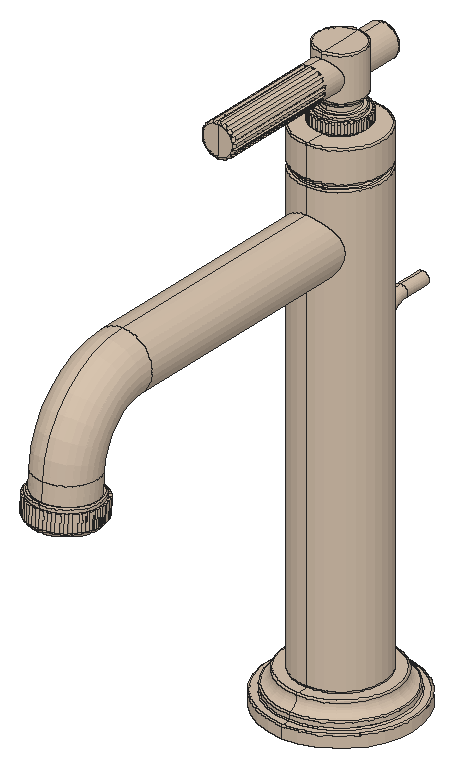
Revit family "Faucet-Lavatory-KALLISTA-CENTRAL_PARK_WEST-P26622_", category Plumbing Fixtures, host Face, Revit 2022 (continued)
Definition of nested family "P26622"
  Lines and regions (in)
    symbolic lines, detail levels medium+fine
      curve 12: arc (0.38238, 0.26056, 0) -> (0.36817, 0.27974, 0) -> (0.35194, 0.29725, 0) r 0.21706
      curve 13: arc (0.35194, 0.29725, 0) -> (0.31668, 0.29887, 0) -> (0.31916, 0.33408, 0) r 0.02466
      curve 14: arc (0.31916, 0.33408, 0) -> (0.30035, 0.35179, 0) -> (0.27953, 0.3671, 0) r 0.21284
      curve 15: arc (0.35299, -0.29996, 0) -> (0.36836, -0.28281, 0) -> (0.38083, -0.26343, 0) r 0.14515
      curve 16: arc (0.38083, -0.26343, 0) -> (0.36968, -0.22408, 0) -> (0.40961, -0.21523, 0) r 0.02812
      curve 17: arc (0.40961, -0.21523, 0) -> (0.41988, -0.19367, 0) -> (0.42771, -0.17112, 0) r 0.21706
      curve 18: arc (0.42771, -0.17112, 0) -> (0.4128, -0.13867, 0) -> (0.44593, -0.12535, 0) r 0.02466
      curve 19: arc (0.44593, -0.12535, 0) -> (0.45278, -0.10327, 0) -> (0.45604, -0.08039, 0) r 0.14515
      curve 20: arc (0.45604, -0.08039, 0) -> (0.4295, -0.04903, 0) -> (0.46256, -0.02465, 0) r 0.02812
      curve 21: arc (0.27953, -0.36948, 0) -> (0.29791, -0.35626, 0) -> (0.31401, -0.34033, 0) r 0.14515
      curve 22: arc (0.31401, -0.34033, 0) -> (0.31191, -0.2993, 0) -> (0.35299, -0.29996, 0) r 0.02812
      curve 23: arc (-0.46256, -0.02465, 0) -> (-0.4644, -0.00166, 0) -> (-0.46257, 0.02134, 0) r 0.14515
      curve 24: arc (-0.46257, 0.02134, 0) -> (-0.42985, 0.04587, 0) -> (-0.45624, 0.07712, 0) r 0.02812
      curve 25: arc (-0.45624, 0.07712, 0) -> (-0.45134, 0.10049, 0) -> (-0.4439, 0.12317, 0) r 0.21706
      curve 26: arc (-0.4439, 0.12317, 0) -> (-0.41237, 0.13994, 0) -> (-0.43064, 0.17062, 0) r 0.02466
      curve 27: arc (-0.43064, 0.17062, 0) -> (-0.42271, 0.19233, 0) -> (-0.41143, 0.21251, 0) r 0.14515
      curve 28: arc (-0.41143, 0.21251, 0) -> (-0.37144, 0.22114, 0) -> (-0.38238, 0.26056, 0) r 0.02812
      curve 29: arc (-0.38238, 0.26056, 0) -> (-0.36817, 0.27974, 0) -> (-0.35194, 0.29725, 0) r 0.21706
      curve 30: arc (-0.35194, 0.29725, 0) -> (-0.31668, 0.29887, 0) -> (-0.31916, 0.33408, 0) r 0.02466
      curve 31: arc (-0.31916, 0.33408, 0) -> (-0.30035, 0.35179, 0) -> (-0.27953, 0.3671, 0) r 0.21284
      curve 32: arc (-0.35299, -0.29996, 0) -> (-0.36836, -0.28281, 0) -> (-0.38083, -0.26343, 0) r 0.14515
      curve 33: arc (-0.38083, -0.26343, 0) -> (-0.36968, -0.22408, 0) -> (-0.40961, -0.21523, 0) r 0.02812
      curve 34: arc (-0.40961, -0.21523, 0) -> (-0.41988, -0.19367, 0) -> (-0.42771, -0.17112, 0) r 0.21706
      curve 35: arc (-0.42771, -0.17112, 0) -> (-0.4128, -0.13867, 0) -> (-0.44593, -0.12535, 0) r 0.02466
      curve 36: arc (-0.44593, -0.12535, 0) -> (-0.45278, -0.10327, 0) -> (-0.45604, -0.08039, 0) r 0.14515
      curve 37: arc (-0.45604, -0.08039, 0) -> (-0.4295, -0.04903, 0) -> (-0.46256, -0.02465, 0) r 0.02812
      curve 38: arc (-0.27953, -0.36948, 0) -> (-0.29791, -0.35626, 0) -> (-0.31401, -0.34033, 0) r 0.14515
      curve 39: arc (-0.31401, -0.34033, 0) -> (-0.31191, -0.2993, 0) -> (-0.35299, -0.29996, 0) r 0.02812
      curve 40: line (-0.27953, 0.27119, 0) -> (-0.27953, 0.3671, 0)
      curve 41: line (0.27953, 0.27119, 0) -> (0.27953, 0.3671, 0)
      curve 42: line (-0.25984, 0.8937, 0) -> (0.25984, 0.8937, 0)
      curve 43: arc (0.25984, 0.8937, 0) -> (0.27376, 0.88794, 0) -> (0.27953, 0.87402, 0) r 0.01969
      curve 44: line (0.27953, 0.87402, 0) -> (-0.27953, 0.87402, 0)
      curve 45: line (-0.10982, 1.22008, 0) -> (-0.10982, 0.8937, 0)
      curve 46: line (0.10982, 1.22047, 0) -> (0.10982, 0.8937, 0)
      curve 47: line (-0.27953, -0.27119, 0) -> (-0.27953, -0.36948, 0)
      curve 48: line (0.27953, -0.27119, 0) -> (0.27953, -0.36948, 0)
      curve 49: arc (0.56087, -0.44275, 0) -> (0.6923, 0.17701, 0) -> (0.27953, 0.65762, 0) r 0.71457
      curve 50: arc (0.49213, -0.97458, 0) -> (1.07347, 0.19914, 0) -> (0.10982, 1.08624, 0) r 1.09178
      curve 51: line (-0.49213, -1.11853, 0) -> (-0.49213, -0.78035, 0)
      curve 52: arc (0.27953, -0.63101, 0) -> (0.69015, 0, 0) -> (0.27953, 0.63101, 0) r 0.69015
      curve 53: line (-0.49213, -0.74093, 0) -> (-0.49213, -0.62264, 0)
      curve 54: arc (0.49213, -0.74093, 0) -> (0.88158, 0.11822, 0) -> (0.27953, 0.84441, 0) r 0.88948
      curve 55: arc (0.49213, -0.92689, 0) -> (1.03022, 0.19987, 0) -> (0.10982, 1.04367, 0) r 1.04943
      curve 56: arc (0.49213, -1.09098, 0) -> (1.1804, 0.19769, 0) -> (0.10982, 1.19179, 0) r 1.19684
      curve 57: line (0.49213, -1.15164, 0) -> (0.49213, -0.62356, 0)
      curve 58: arc (-0.56088, -0.44275, 0) -> (-0.43372, -0.56789, 0) -> (-0.27953, -0.65762, 0) r 0.71457
      curve 59: arc (0.56087, -0.44275, 0) -> (0.43372, -0.56789, 0) -> (0.27953, -0.65762, 0) r 0.71457
      curve 60: arc (0.49213, -0.62356, 0) -> (0.39236, -0.70596, 0) -> (0.27953, -0.76931, 0) r 0.72514
      curve 61: arc (-0.49213, -0.62264, 0) -> (-0.39046, -0.70272, 0) -> (-0.27953, -0.7694, 0) r 1.02777
      curve 62: line (0.25984, -2.56299, 0) -> (-0.25984, -2.56299, 0)
      curve 63: arc (0.27953, -2.54331, 0) -> (0.27376, -2.55723, 0) -> (0.25984, -2.56299, 0) r 0.01969
      curve 64: arc (-0.27953, -2.54331, 0) -> (-0.27376, -2.55723, 0) -> (-0.25984, -2.56299, 0) r 0.01969
      curve 65: arc (-0.10982, 0.91601, 0) -> (-0.16977, 0.90682, 0) -> (-0.22899, 0.8937, 0) r 0.92257
      curve 66: arc (-0.27953, 0.84441, 0) -> (-0.88158, 0.11822, 0) -> (-0.49213, -0.74093, 0) r 0.88948
      curve 67: arc (0.22899, 0.8937, 0) -> (0.16977, 0.90682, 0) -> (0.10982, 0.91601, 0) r 0.92257
      curve 68: arc (-0.10982, 1.04367, 0) -> (-1.03022, 0.19987, 0) -> (-0.49213, -0.92689, 0) r 1.04943
      curve 69: arc (-0.10982, 1.08624, 0) -> (-1.07347, 0.19914, 0) -> (-0.49213, -0.97458, 0) r 1.09178
      curve 70: arc (-0.10982, 1.19179, 0) -> (-1.1804, 0.19769, 0) -> (-0.49213, -1.09098, 0) r 1.19684
      curve 71: line (-0.10982, 1.25387, 0) -> (0.10982, 1.25387, 0)
      curve 72: arc (-0.27953, 0.63101, 0) -> (-0.69015, 0, 0) -> (-0.27953, -0.63101, 0) r 0.69015
      curve 73: arc (-0.27953, 0.65762, 0) -> (-0.6923, 0.17701, 0) -> (-0.56088, -0.44275, 0) r 0.71457
      curve 74: line (-0.49213, -4.62938, 0) -> (0.49213, -4.62938, 0)
      curve 75: line (-0.27953, -2.54331, 0) -> (0.27953, -2.54331, 0)
      curve 76: line (0.04502, -2.54331, 0) -> (0.04502, -0.63048, 0)
      curve 77: line (0.09933, -0.63048, 0) -> (0.09933, -2.54331, 0)
      curve 78: line (0.14204, -2.54331, 0) -> (0.14204, -0.63048, 0)
      curve 79: line (0.17621, -0.63048, 0) -> (0.17621, -2.54331, 0)
      curve 80: line (0.22349, -2.54331, 0) -> (0.22349, -0.63048, 0)
      curve 81: line (0.24985, -0.63048, 0) -> (0.24985, -2.54331, 0)
      curve 82: line (0.26943, -2.54331, 0) -> (0.26943, -0.63048, 0)
      curve 83: line (-0.27953, -0.63048, 0) -> (0.27953, -0.63048, 0)
      curve 84: line (-0.04502, -2.54331, 0) -> (-0.04502, -0.63048, 0)
      curve 85: line (-0.09933, -0.63048, 0) -> (-0.09933, -2.54331, 0)
      curve 86: line (-0.14204, -2.54331, 0) -> (-0.14204, -0.63048, 0)
      curve 87: line (-0.17621, -0.63048, 0) -> (-0.17621, -2.54331, 0)
      curve 88: line (-0.22349, -2.54331, 0) -> (-0.22349, -0.63048, 0)
      curve 89: line (-0.24985, -0.63048, 0) -> (-0.24985, -2.54331, 0)
      curve 90: line (-0.26943, -2.54331, 0) -> (-0.26943, -0.63048, 0)
      curve 91: line (-0.10982, 1.70079, 0) -> (0.10982, 1.70079, 0)
      curve 92: line (-1.20079, 0, 0) -> (1.20079, 0, 0)
      curve 93: line (-0.3766, 0, 8.70576) -> (-0.69488, 0, 8.70576)
      curve 94: line (-0.39007, 0, 9.21362) -> (-0.39007, 0, 9.91732)
      curve 95: line (0.3766, 0, 8.70576) -> (-0.3766, 0, 8.70576)
      curve 96: circle (0, 0, 9.56299) r 0.3015 normal (0, -1, 0)
      curve 97: circle (0, 0, 9.56299) r 0.28511 normal (0, -1, 0)
      curve 98: circle (0, 0, 9.56299) r 0.25952 normal (0, -1, 0)
      curve 99: arc (-0.27804, 0, 9.53603) -> (-0.25552, 0, 9.51916) -> (-0.27091, 0, 9.49561) r 0.02057
      curve 100: arc (-0.27804, 0, 9.6057) -> (-0.25382, 0, 9.62003) -> (-0.26832, 0, 9.64415) r 0.01983
      curve 101: arc (-0.24008, 0, 9.70763) -> (-0.21325, 0, 9.71263) -> (-0.21617, 0, 9.73977) r 0.02009
      curve 102: arc (-0.26832, 0, 9.64415) -> (-0.25578, 0, 9.67659) -> (-0.24008, 0, 9.70763) r 0.35092
      curve 103: arc (-0.27804, 0, 9.53603) -> (-0.27984, 0, 9.57087) -> (-0.27804, 0, 9.6057) r 0.33786
      curve 104: arc (-0.27091, 0, 9.49561) -> (-0.2608, 0, 9.46144) -> (-0.24515, 0, 9.42944) r 0.21327
      curve 105: arc (-0.13155, 0, 9.80942) -> (-0.13849, 0, 9.78215) -> (-0.16615, 0, 9.78733) r 0.02057
      curve 106: arc (-0.06721, 0, 9.83614) -> (-0.04469, 0, 9.81928) -> (-0.02798, 0, 9.84192) r 0.01983
      curve 107: arc (0.04148, 0, 9.84019) -> (0.05639, 0, 9.81733) -> (0.08033, 0, 9.83043) r 0.02009
      curve 108: arc (-0.02798, 0, 9.84192) -> (0.00679, 0, 9.84278) -> (0.04148, 0, 9.84019) r 0.35092
      curve 109: arc (-0.13155, 0, 9.80942) -> (-0.10007, 0, 9.82444) -> (-0.06721, 0, 9.83614) r 0.33786
      curve 110: arc (-0.16615, 0, 9.78733) -> (-0.19309, 0, 9.76559) -> (-0.21617, 0, 9.73977) r 0.21327
      curve 111: arc (0.26743, 0, 9.4823) -> (0.25301, 0, 9.50646) -> (0.2762, 0, 9.5224) r 0.02057
      curve 112: arc (0.24096, 0, 9.41785) -> (0.21312, 0, 9.41379) -> (0.21736, 0, 9.38598) r 0.01983
      curve 113: arc (0.16713, 0, 9.33799) -> (0.14041, 0, 9.34355) -> (0.13279, 0, 9.31734) r 0.02009
      curve 114: arc (0.21736, 0, 9.38598) -> (0.19344, 0, 9.36073) -> (0.16713, 0, 9.33799) r 0.35092
      curve 115: arc (0.26743, 0, 9.4823) -> (0.25586, 0, 9.44939) -> (0.24096, 0, 9.41785) r 0.33786
      curve 116: arc (0.2762, 0, 9.5224) -> (0.27981, 0, 9.55683) -> (0.2778, 0, 9.5914) r 0.21327
      curve 117: arc (0.02807, 0, 9.28507) -> (0.04485, 0, 9.30765) -> (0.06847, 0, 9.29236) r 0.02057
      curve 118: arc (-0.0416, 0, 9.28479) -> (-0.05603, 0, 9.30895) -> (-0.08009, 0, 9.29435) r 0.01983
      curve 119: arc (-0.14368, 0, 9.32233) -> (-0.14882, 0, 9.34917) -> (-0.17598, 0, 9.34605) r 0.02009
      curve 120: arc (-0.08009, 0, 9.29435) -> (-0.11258, 0, 9.30676) -> (-0.14368, 0, 9.32233) r 0.35092
      curve 121: arc (0.02807, 0, 9.28507) -> (-0.00676, 0, 9.28313) -> (-0.0416, 0, 9.28479) r 0.33786
      curve 122: arc (0.06847, 0, 9.29236) -> (0.10165, 0, 9.30223) -> (0.13279, 0, 9.31734) r 0.21327
      curve 123: arc (-0.22559, 0, 9.39495) -> (-0.2185, 0, 9.42176) -> (-0.24515, 0, 9.42944) r 0.01983
      curve 124: arc (-0.17598, 0, 9.34605) -> (-0.20204, 0, 9.36922) -> (-0.22559, 0, 9.39495) r 0.33786
      curve 125: arc (0.1771, 0, 9.77901) -> (0.14926, 0, 9.77496) -> (0.14343, 0, 9.80249) r 0.02057
      curve 126: arc (0.22647, 0, 9.72985) -> (0.21953, 0, 9.70258) -> (0.24685, 0, 9.69583) r 0.01983
      curve 127: arc (0.2719, 0, 9.63103) -> (0.25651, 0, 9.60849) -> (0.2778, 0, 9.5914) r 0.02009
      curve 128: arc (0.24685, 0, 9.69583) -> (0.26098, 0, 9.66405) -> (0.2719, 0, 9.63103) r 0.35092
      curve 129: arc (0.1771, 0, 9.77901) -> (0.20306, 0, 9.75571) -> (0.22647, 0, 9.72985) r 0.33786
      curve 130: arc (0.14343, 0, 9.80249) -> (0.11302, 0, 9.81903) -> (0.08033, 0, 9.83043) r 0.21327
      curve 131: line (-0.39007, 0, 9.91732) -> (0.39007, 0, 9.91732)
      curve 132: line (-0.39007, 0, 9.21362) -> (0.39007, 0, 9.21362)
      curve 133: line (0.3375, 0, 9.19358) -> (-0.3375, 0, 9.19358)
      curve 134: line (-0.3375, 0, 9.15441) -> (0.3375, 0, 9.15441)
      curve 135: line (0.27908, 0, 9.1335) -> (-0.27908, 0, 9.1335)
      curve 136: line (-0.27908, 0, 9.1183) -> (0.27908, 0, 9.1183)
      curve 137: line (-0.27908, 0, 9.02611) -> (0.27908, 0, 9.02611)
      curve 138: line (0.29876, 0, 9.00643) -> (-0.29876, 0, 9.00643)
      curve 139: line (-0.37728, 0, 8.99424) -> (0.37728, 0, 8.99424)
      curve 140: line (0.37728, 0, 8.96659) -> (-0.37728, 0, 8.96659)
      curve 141: line (-0.39753, 0, 8.94634) -> (0.39753, 0, 8.94634)
      curve 142: line (-0.3766, 0, 8.74635) -> (0.3766, 0, 8.74635)
      curve 143: line (0.39649, 0, 8.76624) -> (-0.39649, 0, 8.76624)
      curve 144: line (-0.46175, 0, 8.78592) -> (0.46175, 0, 8.78592)
      curve 145: line (0.46175, 0, 8.9266) -> (-0.46175, 0, 8.9266)
      curve 146: line (-0.45489, 0, 8.9266) -> (-0.45489, 0, 8.78592)
      curve 147: line (-0.44702, 0, 8.9266) -> (-0.44702, 0, 8.78592)
      curve 148: line (-0.42997, 0, 8.9266) -> (-0.42997, 0, 8.78592)
      curve 149: line (-0.4138, 0, 8.9266) -> (-0.4138, 0, 8.78592)
      curve 150: line (-0.40024, 0, 8.9266) -> (-0.40024, 0, 8.78592)
      curve 151: line (-0.38713, 0, 8.9266) -> (-0.38713, 0, 8.78592)
      curve 152: line (-0.36133, 0, 8.9266) -> (-0.36133, 0, 8.78592)
      curve 153: line (-0.3504, 0, 8.9266) -> (-0.3504, 0, 8.78592)
      curve 154: line (-0.32505, 0, 8.9266) -> (-0.32505, 0, 8.78592)
      curve 155: line (-0.295, 0, 8.9266) -> (-0.295, 0, 8.78592)
      curve 156: line (-0.27908, 0, 8.9266) -> (-0.27908, 0, 8.78592)
      curve 157: line (-0.25227, 0, 8.9266) -> (-0.25227, 0, 8.78592)
      curve 158: line (-0.21305, 0, 8.9266) -> (-0.21305, 0, 8.78592)
      curve 159: line (-0.2035, 0, 8.9266) -> (-0.2035, 0, 8.78592)
      curve 160: line (-0.19495, 0, 8.9266) -> (-0.19495, 0, 8.78592)
      curve 161: line (-0.16881, 0, 8.9266) -> (-0.16881, 0, 8.78592)
      curve 162: line (-0.16177, 0, 8.78592) -> (-0.16177, 0, 8.9266)
      curve 163: line (-0.12356, 0, 8.9266) -> (-0.12356, 0, 8.78592)
      curve 164: line (-0.10982, 0, 8.9266) -> (-0.10982, 0, 8.78592)
      curve 165: line (-0.02782, 0, 8.9266) -> (-0.02782, 0, 8.78592)
      curve 166: line (-0.01985, 0, 8.9266) -> (-0.01985, 0, 8.78592)
      curve 167: line (-0.0675, 0, 8.9266) -> (-0.0675, 0, 8.78592)
      curve 168: line (-0.07843, 0, 8.9266) -> (-0.07843, 0, 8.78592)
      curve 169: line (0.45489, 0, 8.9266) -> (0.45489, 0, 8.78592)
      curve 170: line (0.44702, 0, 8.9266) -> (0.44702, 0, 8.78592)
      curve 171: line (0.42997, 0, 8.9266) -> (0.42997, 0, 8.78592)
      curve 172: line (0.4138, 0, 8.9266) -> (0.4138, 0, 8.78592)
      curve 173: line (0.40024, 0, 8.9266) -> (0.40024, 0, 8.78592)
      curve 174: line (0.38713, 0, 8.9266) -> (0.38713, 0, 8.78592)
      curve 175: line (0.36133, 0, 8.9266) -> (0.36133, 0, 8.78592)
      curve 176: line (0.3504, 0, 8.9266) -> (0.3504, 0, 8.78592)
      curve 177: line (0.32505, 0, 8.9266) -> (0.32505, 0, 8.78592)
      curve 178: line (0.295, 0, 8.9266) -> (0.295, 0, 8.78592)
      curve 179: line (0.27908, 0, 8.9266) -> (0.27908, 0, 8.78592)
      curve 180: line (0.25227, 0, 8.9266) -> (0.25227, 0, 8.78592)
      curve 181: line (0.21305, 0, 8.9266) -> (0.21305, 0, 8.78592)
      curve 182: line (0.2035, 0, 8.9266) -> (0.2035, 0, 8.78592)
      curve 183: line (0.19495, 0, 8.9266) -> (0.19495, 0, 8.78592)
      curve 184: line (0.16881, 0, 8.9266) -> (0.16881, 0, 8.78592)
      curve 185: line (0.16177, 0, 8.78592) -> (0.16177, 0, 8.9266)
      curve 186: line (0.12356, 0, 8.9266) -> (0.12356, 0, 8.78592)
      curve 187: line (0.10982, 0, 8.9266) -> (0.10982, 0, 8.78592)
      curve 188: line (0.02782, 0, 8.9266) -> (0.02782, 0, 8.78592)
      curve 189: line (0.01985, 0, 8.9266) -> (0.01985, 0, 8.78592)
      curve 190: line (0.0675, 0, 8.9266) -> (0.0675, 0, 8.78592)
      curve 191: line (0.07843, 0, 8.9266) -> (0.07843, 0, 8.78592)
      curve 192: line (-0.71457, 0, 8.68608) -> (0.71457, 0, 8.68608)
      curve 193: line (0.71457, 0, 8.17436) -> (-0.71457, 0, 8.17436)
      curve 194: line (-0.51264, 0, 8.15468) -> (0.51264, 0, 8.15468)
      curve 195: line (0.65914, 0, 8.08323) -> (-0.65914, 0, 8.08323)
      curve 196: line (-0.63022, 0, 8.09733) -> (0.63022, 0, 8.09733)
      curve 197: line (-0.49213, 0, 7.13953) -> (-0.49213, 0, 5.72914)
      curve 198: line (0.49213, 0, 7.13953) -> (0.49213, 0, 5.72918)
      curve 199: arc (0.49213, 0, 7.13953) -> (0, 0, 7.63166) -> (-0.49213, 0, 7.13953) r 0.49213
      curve 200: spline (0.49213, 0, 6.87125) -> (0.54767, 0, 7.06229) -> (0.54037, 0, 7.26219) -> (0.47106, 0, 7.44801) -> (0.34769, 0, 7.59843) -> (0.18443, 0, 7.6962) -> (0, 0, 7.73008) -> (-0.18443, 0, 7.6962) -> (-0.34769, 0, 7.59843) -> (-0.47106, 0, 7.44801) -> (-0.54037, 0, 7.26219) -> (-0.54767, 0, 7.06229) -> (-0.49213, 0, 6.87125)
      curve 201: arc (-0.18313, 0, 5.36264) -> (-0.09157, 0, 5.36415) -> (0, 0, 5.36462) r 8.14957
      curve 202: arc (-0.46682, 0, 5.35144) -> (-0.32502, 0, 5.35828) -> (-0.18313, 0, 5.36264) r 8.14957
      curve 203: arc (-0.54866, 0, 5.33831) -> (-0.50808, 0, 5.34697) -> (-0.46682, 0, 5.35144) r 0.40653
      curve 204: arc (0.46682, 0, 5.35144) -> (0.36674, 0, 5.35652) -> (0.2666, 0, 5.36037) r 8.14957
      curve 205: arc (0.55017, 0, 5.33791) -> (0.50885, 0, 5.34684) -> (0.46682, 0, 5.35144) r 0.40653
      curve 206: arc (-0.07317, 0, 5.2829) -> (-0.16154, 0, 5.2847) -> (-0.24991, 0, 5.28631) r 42.06932
      curve 207: arc (-0.24991, 0, 5.28631) -> (-0.33983, 0, 5.28921) -> (-0.42962, 0, 5.29484) r 2.97327
      curve 208: arc (-0.42962, 0, 5.29484) -> (-0.47062, 0, 5.29831) -> (-0.51157, 0, 5.30236) r 2.97327
      curve 209: arc (-0.54866, 0, 5.32848) -> (-0.53465, 0, 5.30899) -> (-0.51157, 0, 5.30236) r 0.03664
      curve 210: arc (0.2666, 0, 5.36037) -> (0.13332, 0, 5.36359) -> (0, 0, 5.36462) r 8.14957
      curve 211: arc (0.55017, 0, 5.33791) -> (0.50885, 0, 5.34684) -> (0.46682, 0, 5.35144) r 0.40653
      curve 212: arc (0.07317, 0, 5.2829) -> (0.16154, 0, 5.2847) -> (0.24991, 0, 5.28631) r 42.06932
      curve 213: arc (0.24991, 0, 5.28631) -> (0.33983, 0, 5.28921) -> (0.42962, 0, 5.29484) r 2.97327
      curve 214: arc (0.42962, 0, 5.29484) -> (0.47062, 0, 5.29831) -> (0.51157, 0, 5.30236) r 2.97327
      curve 215: arc (0.55017, 0, 5.33791) -> (0.53837, 0, 5.31199) -> (0.51157, 0, 5.30236) r 0.03664
      curve 216: line (-0.07317, 0, 5.2829) -> (0.07317, 0, 5.2829)
      curve 217: spline (-0.13127, 0, 5.35315) -> (-0.13729, 0, 5.35305) -> (-0.14329, 0, 5.35295) -> (-0.14926, 0, 5.35284) -> (-0.15522, 0, 5.35272) -> (-0.16115, 0, 5.3526) -> (-0.16705, 0, 5.35248) -> (-0.17294, 0, 5.35235) -> (-0.17879, 0, 5.35222) -> (-0.18462, 0, 5.35208) -> (-0.19042, 0, 5.35194) -> (-0.19619, 0, 5.3518) -> (-0.20193, 0, 5.35165)
      curve 218: arc (-0.25139, 0, 5.76391) -> (-0.00263, 0, 5.76699) -> (0.24612, 0, 5.76391) r 10.067
      curve 219: arc (-0.49213, 0, 5.74516) -> (-0.37201, 0, 5.75773) -> (-0.25139, 0, 5.76391) r 2.27832
      curve 220: arc (0.24612, 0, 5.76391) -> (0.36945, 0, 5.75705) -> (0.49213, 0, 5.7426) r 2.00188
      curve 221: line (-0.55051, 0, 5.65683) -> (-0.55051, 0, 5.69761)
      curve 222: arc (-0.52359, 0, 5.72673) -> (-0.54275, 0, 5.71744) -> (-0.55051, 0, 5.69761) r 0.02922
      curve 223: line (-0.60236, 0, 5.63106) -> (-0.60236, 0, 5.39814)
      curve 224: arc (-0.55051, 0, 5.69761) -> (-0.00036, 0, 5.72835) -> (0.54978, 0, 5.69743) r 4.92451
      curve 225: arc (-0.58224, 0, 5.65348) -> (-0.56638, 0, 5.65518) -> (-0.55051, 0, 5.65683) r 5.39186
      curve 226: arc (-0.60236, 0, 5.63106) -> (-0.5966, 0, 5.64612) -> (-0.58224, 0, 5.65348) r 0.02256
      curve 227: arc (-0.58042, 0, 5.37825) -> (-0.56454, 0, 5.37979) -> (-0.54866, 0, 5.38129) r 5.93545
      curve 228: arc (-0.60236, 0, 5.39814) -> (-0.5958, 0, 5.38333) -> (-0.58042, 0, 5.37825) r 0.01998
      curve 229: line (0.55051, 0, 5.65683) -> (0.55051, 0, 5.69012)
      curve 230: line (0.60236, 0, 5.63106) -> (0.60236, 0, 5.39814)
      curve 231: arc (0.60236, 0, 5.63106) -> (0.5966, 0, 5.64612) -> (0.58224, 0, 5.65348) r 0.02256
      curve 232: arc (0.60236, 0, 5.39814) -> (0.59485, 0, 5.38252) -> (0.57795, 0, 5.37865) r 0.01998
      curve 233: arc (-0.54866, 0, 5.41441) -> (-0.53048, 0, 5.41573) -> (-0.51229, 0, 5.41699) r 7.49881
      curve 234: arc (-0.60236, 0, 5.39814) -> (-0.59895, 0, 5.40006) -> (-0.59548, 0, 5.40187) r 0.12002
      curve 235: line (-0.54866, 0, 5.32848) -> (-0.54866, 0, 5.38129)
      curve 236: line (0.55017, 0, 5.33791) -> (0.55017, 0, 5.3813)
      curve 237: arc (-0.54866, 0, 5.64462) -> (-0.53048, 0, 5.64571) -> (-0.51229, 0, 5.64677) r 9.01265
      curve 238: arc (-0.60236, 0, 5.63106) -> (-0.59894, 0, 5.63259) -> (-0.59548, 0, 5.63404) r 0.14944
      curve 239: arc (0.54866, 0, 5.64473) -> (0.5548, 0, 5.64431) -> (0.56091, 0, 5.64361) r 0.1376
      curve 240: line (-0.59548, 0, 5.63404) -> (-0.59548, 0, 5.40187)
      curve 241: line (-0.58489, 0, 5.63786) -> (-0.58489, 0, 5.40656)
      curve 242: line (-0.56091, 0, 5.64337) -> (-0.56091, 0, 5.41305)
      curve 243: line (-0.54866, 0, 5.64462) -> (-0.54866, 0, 5.41441)
      curve 244: line (-0.51229, 0, 5.64677) -> (-0.51229, 0, 5.41699)
      curve 245: line (-0.48931, 0, 5.64805) -> (-0.48931, 0, 5.41853)
      curve 246: line (-0.43932, 0, 5.65064) -> (-0.43932, 0, 5.42163)
      curve 247: line (-0.41205, 0, 5.65193) -> (-0.41205, 0, 5.42318)
      curve 248: line (-0.35362, 0, 5.65442) -> (-0.35362, 0, 5.42617)
      curve 249: line (-0.31094, 0, 5.656) -> (-0.31094, 0, 5.42806)
      curve 250: line (-0.25103, 0, 5.65787) -> (-0.25103, 0, 5.43031)
      curve 251: line (-0.2105, 0, 5.65892) -> (-0.2105, 0, 5.43156)
      curve 252: line (-0.13877, 0, 5.66032) -> (-0.13877, 0, 5.43323)
      curve 253: line (-0.09751, 0, 5.66086) -> (-0.09751, 0, 5.43388)
      curve 254: line (-0.02251, 0, 5.66137) -> (-0.02251, 0, 5.43448)
      curve 255: line (0.59548, 0, 5.63417) -> (0.59548, 0, 5.40187)
      curve 256: line (0.58489, 0, 5.63811) -> (0.58489, 0, 5.40656)
      curve 257: line (0.56091, 0, 5.64361) -> (0.56091, 0, 5.41305)
      curve 258: line (0.54866, 0, 5.64474) -> (0.54866, 0, 5.41462)
      curve 259: line (0.51229, 0, 5.64688) -> (0.51229, 0, 5.41699)
      curve 260: line (0.48931, 0, 5.64816) -> (0.48931, 0, 5.41853)
      curve 261: line (0.43932, 0, 5.65073) -> (0.43932, 0, 5.42163)
      curve 262: line (0.41205, 0, 5.65202) -> (0.41205, 0, 5.42318)
      curve 263: line (0.35362, 0, 5.6545) -> (0.35362, 0, 5.43375)
      curve 264: line (0.31094, 0, 5.65607) -> (0.31094, 0, 5.42806)
      curve 265: line (0.25103, 0, 5.65793) -> (0.25103, 0, 5.43031)
      curve 266: line (0.2105, 0, 5.65896) -> (0.2105, 0, 5.43156)
      curve 267: line (0.13877, 0, 5.66035) -> (0.13877, 0, 5.44106)
      curve 268: line (0.09751, 0, 5.66088) -> (0.09751, 0, 5.43388)
      curve 269: line (0.02251, 0, 5.66137) -> (0.02251, 0, 5.43448)
      curve 270: line (-1.22047, 0, 0.01969) -> (1.22047, 0, 0.01969)
      curve 271: line (1.22047, 0, 0.18085) -> (-1.22047, 0, 0.18085)
      curve 272: line (-1.08982, 0, 0.20053) -> (1.08982, 0, 0.20053)
      curve 273: line (1.06962, 0, 0.22073) -> (-1.06962, 0, 0.22073)
      curve 274: line (-1.06962, 0, 0.29764) -> (1.06962, 0, 0.29764)
      curve 275: line (1.05147, 0, 0.32065) -> (-1.05147, 0, 0.32065)
      curve 276: line (-0.91505, 0, 0.5202) -> (0.91505, 0, 0.5202)
      curve 277: line (0.69488, 0, 0.53937) -> (-0.69488, 0, 0.53937)
      curve 278: line (-0.71457, 0, 0.55906) -> (0.71457, 0, 0.55906)
      curve 279: arc (-0.42841, 0, 5.3398) -> (-0.31545, 0, 5.32642) -> (-0.20208, 0, 5.31719) r 3.11063
      curve 280: line (-0.20193, 0, 5.35165) -> (-0.20208, 0, 5.31719)
      curve 281: line (-0.13127, 0, 5.35315) -> (-0.13127, 0, 5.31353)
      curve 282: arc (-0.13127, 0, 5.31353) -> (0.00001, 0, 5.31102) -> (0.13127, 0, 5.31406) r 3.11063
      curve 283: arc (-0.20208, 0, 5.31719) -> (-0.16668, 0, 5.31516) -> (-0.13127, 0, 5.31353) r 3.11063
      curve 284: spline (-0.20193, 0, 5.35165) -> (-0.22483, 0, 5.351) -> (-0.24717, 0, 5.35028) -> (-0.26889, 0, 5.3495) -> (-0.28994, 0, 5.34865) -> (-0.31028, 0, 5.34774) -> (-0.32984, 0, 5.34676) -> (-0.34858, 0, 5.34573) -> (-0.36645, 0, 5.34464) -> (-0.38341, 0, 5.3435) -> (-0.39942, 0, 5.34231) -> (-0.41443, 0, 5.34108) -> (-0.42841, 0, 5.3398)
      curve 285: line (0.20193, 0, 5.35165) -> (0.20207, 0, 5.318)
      curve 286: line (0.13127, 0, 5.35315) -> (0.13127, 0, 5.31406)
      curve 287: line (0, 1.20079, 0) -> (0, -1.20079, 0)
      curve 288: line (0, 0.46175, 8.78592) -> (0, 0.46175, 8.9266)
      curve 289: line (0, -0.3766, 8.70576) -> (0, -0.69488, 8.70576)
      curve 290: line (0, -0.39649, 8.76624) -> (0, -0.44206, 8.76624)
      curve 291: line (0, -0.46175, 8.78592) -> (0, -0.46175, 8.9266)
      curve 292: line (0, 0.71457, 5.22848) -> (0, 0.71457, 4.59353)
      curve 293: line (0, 0.71457, 8.06354) -> (0, -0.71457, 8.06354)
      curve 294: line (0, -0.65914, 8.08323) -> (0, 0.65914, 8.08323)
      curve 295: line (0, 0.51264, 8.15468) -> (0, -0.51264, 8.15468)
      curve 296: line (0, 0.71457, 8.68608) -> (0, -0.71457, 8.68608)
      curve 297: line (0, -0.71457, 8.17436) -> (0, 0.71457, 8.17436)
      curve 298: line (0, 0.3766, 8.70576) -> (0, -0.3766, 8.70576)
      curve 299: line (0, 0.3766, 8.71636) -> (0, -0.3766, 8.71636)
      curve 300: line (0, -0.3766, 8.74635) -> (0, 0.3766, 8.74635)
      curve 301: line (0, 0.39649, 8.76624) -> (0, -0.39649, 8.76624)
      curve 302: line (0, 0.46175, 8.78592) -> (0, -0.46175, 8.78592)
      curve 303: line (0, -0.46175, 8.9266) -> (0, 0.46175, 8.9266)
      curve 304: line (0, 0.39753, 8.94634) -> (0, -0.39753, 8.94634)
      curve 305: line (0, -0.37728, 8.96659) -> (0, 0.37728, 8.96659)
      curve 306: line (0, 0.29876, 9.00643) -> (0, -0.29876, 9.00643)
      curve 307: line (0, -0.27908, 9.02611) -> (0, 0.27908, 9.02611)
      curve 308: line (0, 0.37728, 8.9973) -> (0, -0.37728, 8.9973)
      curve 309: line (0, 0.45613, 8.9266) -> (0, 0.45613, 8.78592)
      curve 310: line (0, 0.44536, 8.9266) -> (0, 0.44536, 8.78592)
      curve 311: line (0, 0.43208, 8.9266) -> (0, 0.43208, 8.78592)
      curve 312: line (0, 0.40982, 8.9266) -> (0, 0.40982, 8.78592)
      curve 313: line (0, 0.3908, 8.9266) -> (0, 0.3908, 8.78592)
      curve 314: line (0, 0.37728, 8.9266) -> (0, 0.37728, 8.78592)
      curve 315: line (0, 0.35706, 8.9266) -> (0, 0.35706, 8.78592)
      curve 316: line (0, 0.33086, 8.9266) -> (0, 0.33086, 8.78592)
      curve 317: line (0, 0.3165, 8.9266) -> (0, 0.3165, 8.78592)
      curve 318: line (0, 0.29065, 8.9266) -> (0, 0.29065, 8.78592)
      curve 319: line (0, 0.25619, 8.9266) -> (0, 0.25619, 8.78592)
      curve 320: line (0, 0.24255, 8.9266) -> (0, 0.24255, 8.78592)
      curve 321: line (0, 0.21055, 8.9266) -> (0, 0.21055, 8.78592)
      curve 322: line (0, 0.16797, 8.9266) -> (0, 0.16797, 8.78592)
      curve 323: line (0, 0.12375, 8.9266) -> (0, 0.12375, 8.78592)
      curve 324: line (0, 0.07025, 8.9266) -> (0, 0.07025, 8.78592)
      curve 325: line (0, 0.03259, 8.9266) -> (0, 0.03259, 8.78592)
      curve 326: line (0, -0.02037, 8.9266) -> (0, -0.02037, 8.78592)
      curve 327: line (0, -0.45613, 8.9266) -> (0, -0.45613, 8.78592)
      curve 328: line (0, -0.44536, 8.9266) -> (0, -0.44536, 8.78592)
      curve 329: line (0, -0.43208, 8.9266) -> (0, -0.43208, 8.78592)
      curve 330: line (0, -0.40982, 8.9266) -> (0, -0.40982, 8.78592)
      curve 331: line (0, -0.3908, 8.9266) -> (0, -0.3908, 8.78592)
      curve 332: line (0, -0.37728, 8.9266) -> (0, -0.37728, 8.78592)
      curve 333: line (0, -0.35706, 8.9266) -> (0, -0.35706, 8.78592)
      curve 334: line (0, -0.33086, 8.9266) -> (0, -0.33086, 8.78592)
      curve 335: line (0, -0.3165, 8.9266) -> (0, -0.3165, 8.78592)
      curve 336: line (0, -0.29065, 8.9266) -> (0, -0.29065, 8.78592)
      curve 337: line (0, -0.25619, 8.9266) -> (0, -0.25619, 8.78592)
      curve 338: line (0, -0.24255, 8.9266) -> (0, -0.24255, 8.78592)
      curve 339: line (0, -0.21055, 8.9266) -> (0, -0.21055, 8.78592)
      curve 340: line (0, -0.16797, 8.9266) -> (0, -0.16797, 8.78592)
      curve 341: line (0, -0.12375, 8.9266) -> (0, -0.12375, 8.78592)
      curve 342: line (0, -0.07025, 8.9266) -> (0, -0.07025, 8.78592)
      curve 343: line (0, -0.03259, 8.9266) -> (0, -0.03259, 8.78592)
      curve 344: line (0, 0.27908, 9.1335) -> (0, -0.27908, 9.1335)
      curve 345: line (0, -0.27908, 9.11928) -> (0, 0.27908, 9.11928)
      curve 346: line (0, 0.3375, 9.19358) -> (0, -0.3375, 9.19358)
      curve 347: line (0, -0.3375, 9.15441) -> (0, 0.3375, 9.15441)
      curve 348: line (0, 0.39007, 9.21362) -> (0, -0.39007, 9.21362)
      curve 349: line (0, 0.87402, 9.28346) -> (0, 0.87402, 9.84252)
      curve 350: arc (0, 0.39007, 9.84252) -> (0, 0.25619, 9.56299) -> (0, 0.39007, 9.28346) r 0.35876
      curve 351: arc (0, -0.39007, 9.84252) -> (0, -0.25619, 9.56299) -> (0, -0.39007, 9.28346) r 0.35876
      curve 352: line (0, -0.71457, 9.84252) -> (0, -0.71457, 9.28346)
      curve 353: line (0, -2.54134, 9.84252) -> (0, -2.54134, 9.28346)
      curve 354: line (0, -0.71457, 9.81144) -> (0, -2.54134, 9.81144)
      curve 355: line (0, -2.54134, 9.7881) -> (0, -0.71457, 9.7881)
      curve 356: line (0, -2.54134, 9.73897) -> (0, -0.71457, 9.73897)
      curve 357: line (0, -2.54134, 9.70949) -> (0, -0.71457, 9.70949)
      curve 358: line (0, -2.54134, 9.64507) -> (0, -0.71457, 9.64507)
      curve 359: line (0, -2.54134, 9.6074) -> (0, -0.71457, 9.6074)
      curve 360: line (0, -2.54134, 9.5332) -> (0, -0.71457, 9.5332)
      curve 361: line (0, -2.54134, 9.49615) -> (0, -0.71457, 9.49615)
      curve 362: line (0, -2.54134, 9.29653) -> (0, -0.71457, 9.29653)
      curve 363: line (0, -2.54134, 9.32677) -> (0, -0.71457, 9.32677)
      curve 364: line (0, -2.54134, 9.34621) -> (0, -0.71457, 9.34621)
      curve 365: line (0, -2.54134, 9.39589) -> (0, -0.71457, 9.39589)
      curve 366: line (0, -2.54134, 9.43137) -> (0, -0.71457, 9.43137)
      curve 367: line (0, 0.39007, 9.91732) -> (0, -0.39007, 9.91732)
      curve 368: arc (0, -0.71457, 7.71839) -> (0, -0.44731, 7.12368) -> (0, -0.71457, 6.52897) r 0.79531
      curve 369: arc (0, -0.7991, 7.63386) -> (0, -0.60296, 7.13388) -> (0, -0.8352, 6.64961) r 0.6729
      curve 370: line (0, -5.27637, 5.69559) -> (0, -6.23081, 5.74561)
      curve 371: line (0, -5.24703, 5.72204) -> (0, -6.25001, 5.77746)
      curve 372: line (0, -6.37402, 5.40803) -> (0, -6.37402, 5.44296)
      curve 373: line (0, -5.22173, 5.30337) -> (0, -6.32216, 5.36368)
      curve 374: line (0, -6.31998, 5.4052) -> (0, -5.21834, 5.34864)
      curve 375: line (0, -5.16929, 5.37044) -> (0, -6.37402, 5.43788)
      curve 376: line (0, -6.36141, 5.66819) -> (0, -5.15569, 5.60157)
      curve 377: line (0, -5.20643, 5.62371) -> (0, -6.30552, 5.6827)
      curve 378: line (0, -6.30301, 5.72799) -> (0, -5.20277, 5.66639)
      curve 379: line (0, -5.16929, 5.60232) -> (0, -5.18223, 5.37116)
      curve 380: line (0, -5.19296, 5.60363) -> (0, -5.2059, 5.37249)
      curve 381: line (0, -5.20808, 5.60446) -> (0, -5.22102, 5.37333)
      curve 382: line (0, -5.24379, 5.60644) -> (0, -5.25673, 5.37533)
      curve 383: line (0, -5.26789, 5.60777) -> (0, -5.28082, 5.37668)
      curve 384: line (0, -5.31563, 5.6104) -> (0, -5.32856, 5.37935)
      curve 385: line (0, -5.34665, 5.61212) -> (0, -5.35958, 5.38109)
      curve 386: line (0, -5.40386, 5.61528) -> (0, -5.41679, 5.38429)
      curve 387: line (0, -5.44153, 5.61736) -> (0, -5.45446, 5.3864)
      curve 388: line (0, -5.50487, 5.62086) -> (0, -5.5178, 5.38995)
      curve 389: line (0, -5.54896, 5.6233) -> (0, -5.56188, 5.39242)
      curve 390: line (0, -5.6094, 5.62664) -> (0, -5.62233, 5.3958)
      curve 391: line (0, -5.64631, 5.62868) -> (0, -5.65923, 5.39786)
      curve 392: line (0, -6.34531, 5.6673) -> (0, -6.3582, 5.43699)
      curve 393: line (0, -6.32164, 5.666) -> (0, -6.33453, 5.43567)
      curve 394: line (0, -6.30652, 5.66516) -> (0, -6.31942, 5.43482)
      curve 395: line (0, -6.27081, 5.66319) -> (0, -6.28371, 5.43282)
      curve 396: line (0, -6.24671, 5.66186) -> (0, -6.25961, 5.43147)
      curve 397: line (0, -6.19897, 5.65922) -> (0, -6.21187, 5.4288)
      curve 398: line (0, -6.16795, 5.6575) -> (0, -6.18085, 5.42707)
      curve 399: line (0, -6.11074, 5.65434) -> (0, -6.12365, 5.42386)
      curve 400: line (0, -6.07307, 5.65226) -> (0, -6.08597, 5.42175)
      curve 401: line (0, -6.00973, 5.64876) -> (0, -6.02263, 5.41821)
      curve 402: line (0, -5.96564, 5.64632) -> (0, -5.97855, 5.41574)
      curve 403: line (0, -5.9052, 5.64298) -> (0, -5.91811, 5.41236)
      curve 404: line (0, -5.86829, 5.64094) -> (0, -5.8812, 5.41029)
      curve 405: line (0, -5.72762, 5.63317) -> (0, -5.74054, 5.40242)
      curve 406: line (0, -5.77443, 5.63576) -> (0, -5.78734, 5.40504)
      curve 407: line (0, -5.22815, 6.08938) -> (0, -6.18579, 6.43793)
      curve 408: line (0, -5.23759, 5.90571) -> (0, -6.23986, 5.96109)
      curve 409: line (0, 0.69488, 0.53937) -> (0, -0.69488, 0.53937)
      curve 410: line (0, -0.71457, 0.55906) -> (0, 0.71457, 0.55906)
      curve 411: line (0, 0.91505, 0.5202) -> (0, -0.91505, 0.5202)
      curve 412: line (0, -1.05147, 0.32065) -> (0, 1.05147, 0.32065)
      curve 413: line (0, 1.06962, 0.29764) -> (0, -1.06962, 0.29764)
      curve 414: line (0, -1.06962, 0.22073) -> (0, 1.06962, 0.22073)
      curve 415: line (0, 1.08982, 0.20053) -> (0, -1.08982, 0.20053)
      curve 416: line (0, -1.22047, 0.18085) -> (0, 1.22047, 0.18085)
      curve 417: line (0, 1.22047, 0.01969) -> (0, -1.22047, 0.01969)
      curve 418: line (0, 1.70079, 5.72835) -> (0, 1.70079, 5.51249)
      curve 419: line (0, 1.25789, 5.72835) -> (0, 1.25789, 5.5315)
      curve 420: line (0, 0.97735, 5.31551) -> (0, 0.77328, 5.38978)
      curve 421: line (0, 0.71457, 5.22848) -> (0, 0.71457, 4.59353)
      curve 422: line (0, 0.71457, 8.06354) -> (0, -0.71457, 8.06354)
      curve 423: line (0, -0.65914, 8.08323) -> (0, 0.65914, 8.08323)
      curve 424: line (0, 0.51264, 8.15468) -> (0, -0.51264, 8.15468)
      curve 425: line (0, 0.71457, 8.68608) -> (0, -0.71457, 8.68608)
      curve 426: line (0, -0.71457, 8.17436) -> (0, 0.71457, 8.17436)
      curve 427: line (0, 0.3766, 8.70576) -> (0, -0.3766, 8.70576)
      curve 428: line (0, 0.3766, 8.71636) -> (0, -0.3766, 8.71636)
      curve 429: line (0, -0.3766, 8.74635) -> (0, 0.3766, 8.74635)
      curve 430: line (0, 0.39649, 8.76624) -> (0, -0.39649, 8.76624)
      curve 431: line (0, 0.46175, 8.78592) -> (0, -0.46175, 8.78592)
      curve 432: line (0, -0.46175, 8.9266) -> (0, 0.46175, 8.9266)
      curve 433: line (0, 0.39753, 8.94634) -> (0, -0.39753, 8.94634)
      curve 434: line (0, -0.37728, 8.96659) -> (0, 0.37728, 8.96659)
      curve 435: line (0, 0.29876, 9.00643) -> (0, -0.29876, 9.00643)
      curve 436: line (0, -0.27908, 9.02611) -> (0, 0.27908, 9.02611)
      curve 437: line (0, 0.37728, 8.9973) -> (0, -0.37728, 8.9973)
      curve 438: line (0, 0.45613, 8.9266) -> (0, 0.45613, 8.78592)
      curve 439: line (0, 0.44536, 8.9266) -> (0, 0.44536, 8.78592)
      curve 440: line (0, 0.43208, 8.9266) -> (0, 0.43208, 8.78592)
      curve 441: line (0, 0.40982, 8.9266) -> (0, 0.40982, 8.78592)
      curve 442: line (0, 0.3908, 8.9266) -> (0, 0.3908, 8.78592)
      curve 443: line (0, 0.37728, 8.9266) -> (0, 0.37728, 8.78592)
      curve 444: line (0, 0.35706, 8.9266) -> (0, 0.35706, 8.78592)
      curve 445: line (0, 0.33086, 8.9266) -> (0, 0.33086, 8.78592)
      curve 446: line (0, 0.3165, 8.9266) -> (0, 0.3165, 8.78592)
      curve 447: line (0, 0.29065, 8.9266) -> (0, 0.29065, 8.78592)
      curve 448: line (0, 0.25619, 8.9266) -> (0, 0.25619, 8.78592)
      curve 449: line (0, 0.24255, 8.9266) -> (0, 0.24255, 8.78592)
      curve 450: line (0, 0.21055, 8.9266) -> (0, 0.21055, 8.78592)
      curve 451: line (0, 0.16797, 8.9266) -> (0, 0.16797, 8.78592)
      curve 452: line (0, 0.12375, 8.9266) -> (0, 0.12375, 8.78592)
      curve 453: line (0, 0.07025, 8.9266) -> (0, 0.07025, 8.78592)
      curve 454: line (0, 0.03259, 8.9266) -> (0, 0.03259, 8.78592)
      curve 455: line (0, -0.02037, 8.9266) -> (0, -0.02037, 8.78592)
      curve 456: line (0, -0.45613, 8.9266) -> (0, -0.45613, 8.78592)
      curve 457: line (0, -0.44536, 8.9266) -> (0, -0.44536, 8.78592)
      curve 458: line (0, -0.43208, 8.9266) -> (0, -0.43208, 8.78592)
      curve 459: line (0, -0.40982, 8.9266) -> (0, -0.40982, 8.78592)
      curve 460: line (0, -0.3908, 8.9266) -> (0, -0.3908, 8.78592)
      curve 461: line (0, -0.37728, 8.9266) -> (0, -0.37728, 8.78592)
      curve 462: line (0, -0.35706, 8.9266) -> (0, -0.35706, 8.78592)
      curve 463: line (0, -0.33086, 8.9266) -> (0, -0.33086, 8.78592)
      curve 464: line (0, -0.3165, 8.9266) -> (0, -0.3165, 8.78592)
      curve 465: line (0, -0.29065, 8.9266) -> (0, -0.29065, 8.78592)
      curve 466: line (0, -0.25619, 8.9266) -> (0, -0.25619, 8.78592)
      curve 467: line (0, -0.24255, 8.9266) -> (0, -0.24255, 8.78592)
      curve 468: line (0, -0.21055, 8.9266) -> (0, -0.21055, 8.78592)
      curve 469: line (0, -0.16797, 8.9266) -> (0, -0.16797, 8.78592)
      curve 470: line (0, -0.12375, 8.9266) -> (0, -0.12375, 8.78592)
      curve 471: line (0, -0.07025, 8.9266) -> (0, -0.07025, 8.78592)
      curve 472: line (0, -0.03259, 8.9266) -> (0, -0.03259, 8.78592)
      curve 473: line (0, 0.27908, 9.1335) -> (0, -0.27908, 9.1335)
      curve 474: line (0, -0.27908, 9.11928) -> (0, 0.27908, 9.11928)
      curve 475: line (0, 0.3375, 9.19358) -> (0, -0.3375, 9.19358)
      curve 476: line (0, -0.3375, 9.15441) -> (0, 0.3375, 9.15441)
      curve 477: line (0, 0.39007, 9.21362) -> (0, -0.39007, 9.21362)
      curve 478: line (0, 0.87402, 9.28346) -> (0, 0.87402, 9.84252)
      curve 479: arc (0, 0.39007, 9.84252) -> (0, 0.25619, 9.56299) -> (0, 0.39007, 9.28346) r 0.35876
      curve 480: arc (0, -0.39007, 9.84252) -> (0, -0.25619, 9.56299) -> (0, -0.39007, 9.28346) r 0.35876
      curve 481: line (0, -0.71457, 9.84252) -> (0, -0.71457, 9.28346)
      curve 482: line (0, -2.54134, 9.84252) -> (0, -2.54134, 9.28346)
      curve 483: line (0, -0.71457, 9.81144) -> (0, -2.54134, 9.81144)
      curve 484: line (0, -2.54134, 9.7881) -> (0, -0.71457, 9.7881)
      curve 485: line (0, -2.54134, 9.73897) -> (0, -0.71457, 9.73897)
      curve 486: line (0, -2.54134, 9.70949) -> (0, -0.71457, 9.70949)
      curve 487: line (0, -2.54134, 9.64507) -> (0, -0.71457, 9.64507)
      curve 488: line (0, -2.54134, 9.6074) -> (0, -0.71457, 9.6074)
      curve 489: line (0, -2.54134, 9.5332) -> (0, -0.71457, 9.5332)
      curve 490: line (0, -2.54134, 9.49615) -> (0, -0.71457, 9.49615)
      curve 491: line (0, -2.54134, 9.29653) -> (0, -0.71457, 9.29653)
      curve 492: line (0, -2.54134, 9.32677) -> (0, -0.71457, 9.32677)
      curve 493: line (0, -2.54134, 9.34621) -> (0, -0.71457, 9.34621)
      curve 494: line (0, -2.54134, 9.39589) -> (0, -0.71457, 9.39589)
      curve 495: line (0, -2.54134, 9.43137) -> (0, -0.71457, 9.43137)
      curve 496: line (0, 0.39007, 9.91732) -> (0, -0.39007, 9.91732)
      curve 497: line (0, -5.27637, 5.69559) -> (0, -6.23081, 5.74561)
      curve 498: line (0, -5.24703, 5.72204) -> (0, -6.25001, 5.77746)
      curve 499: line (0, -6.37402, 5.40803) -> (0, -6.37402, 5.44296)
      curve 500: line (0, -5.22173, 5.30337) -> (0, -6.32216, 5.36368)
      curve 501: line (0, -5.16929, 5.37044) -> (0, -6.37402, 5.43788)
      curve 502: line (0, -6.36141, 5.66819) -> (0, -5.15569, 5.60157)
      curve 503: line (0, -5.20643, 5.62371) -> (0, -6.30552, 5.6827)
      curve 504: line (0, -6.30301, 5.72799) -> (0, -5.20277, 5.66639)
      curve 505: line (0, -5.16929, 5.60232) -> (0, -5.18223, 5.37116)
      curve 506: line (0, -5.19296, 5.60363) -> (0, -5.2059, 5.37249)
      curve 507: line (0, -5.20808, 5.60446) -> (0, -5.22102, 5.37333)
      curve 508: line (0, -5.24379, 5.60644) -> (0, -5.25673, 5.37533)
      curve 509: line (0, -5.26789, 5.60777) -> (0, -5.28082, 5.37668)
      curve 510: line (0, -5.31563, 5.6104) -> (0, -5.32856, 5.37935)
      curve 511: line (0, -5.34665, 5.61212) -> (0, -5.35958, 5.38109)
      curve 512: line (0, -5.40386, 5.61528) -> (0, -5.41679, 5.38429)
      curve 513: line (0, -5.44153, 5.61736) -> (0, -5.45446, 5.3864)
      curve 514: line (0, -5.50487, 5.62086) -> (0, -5.5178, 5.38995)
      curve 515: line (0, -5.54896, 5.6233) -> (0, -5.56188, 5.39242)
      curve 516: line (0, -5.6094, 5.62664) -> (0, -5.62233, 5.3958)
      curve 517: line (0, -5.64631, 5.62868) -> (0, -5.65923, 5.39786)
      curve 518: line (0, -6.34531, 5.6673) -> (0, -6.3582, 5.43699)
      curve 519: line (0, -6.32164, 5.666) -> (0, -6.33453, 5.43567)
      curve 520: line (0, -6.30652, 5.66516) -> (0, -6.31942, 5.43482)
      curve 521: line (0, -6.27081, 5.66319) -> (0, -6.28371, 5.43282)
      curve 522: line (0, -6.24671, 5.66186) -> (0, -6.25961, 5.43147)
      curve 523: line (0, -6.19897, 5.65922) -> (0, -6.21187, 5.4288)
      curve 524: line (0, -6.16795, 5.6575) -> (0, -6.18085, 5.42707)
      curve 525: line (0, -6.11074, 5.65434) -> (0, -6.12365, 5.42386)
      curve 526: line (0, -6.07307, 5.65226) -> (0, -6.08597, 5.42175)
      curve 527: line (0, -6.00973, 5.64876) -> (0, -6.02263, 5.41821)
      curve 528: line (0, -5.96564, 5.64632) -> (0, -5.97855, 5.41574)
      curve 529: line (0, -5.9052, 5.64298) -> (0, -5.91811, 5.41236)
      curve 530: line (0, -5.86829, 5.64094) -> (0, -5.8812, 5.41029)
      curve 531: line (0, -5.72762, 5.63317) -> (0, -5.74054, 5.40242)
      curve 532: line (0, -5.77443, 5.63576) -> (0, -5.78734, 5.40504)
      curve 533: line (0, -4.55379, 7.63386) -> (0, -4.55379, 6.64961)
      curve 534: line (0, -5.23759, 5.90571) -> (0, -6.23986, 5.96109)
      curve 535: line (0, 0.69488, 0.53937) -> (0, -0.69488, 0.53937)
      curve 536: line (0, -0.71457, 0.55906) -> (0, 0.71457, 0.55906)
      curve 537: line (0, 0.91505, 0.5202) -> (0, -0.91505, 0.5202)
      curve 538: line (0, -1.05147, 0.32065) -> (0, 1.05147, 0.32065)
      curve 539: line (0, 1.06962, 0.29764) -> (0, -1.06962, 0.29764)
      curve 540: line (0, -1.06962, 0.22073) -> (0, 1.06962, 0.22073)
      curve 541: line (0, 1.08982, 0.20053) -> (0, -1.08982, 0.20053)
      curve 542: line (0, -1.22047, 0.18085) -> (0, 1.22047, 0.18085)
      curve 543: line (0, 1.22047, 0.01969) -> (0, -1.22047, 0.01969)
      curve 544: line (0, 1.70079, 5.72835) -> (0, 1.70079, 5.51249)
      curve 545: line (0, 1.25789, 5.72835) -> (0, 1.25866, 5.51249)
      curve 546: line (0, 0.97735, 5.31551) -> (0, 0.77328, 5.38978)
      curve 547: arc (0.55051, 0, 5.69012) -> (0.55033, 0, 5.6938) -> (0.54978, 0, 5.69743) r 0.03735
      curve 548: line (0.49213, -5.4243, 0) -> (0.49213, -5.76301, 0)
      curve 549: line (-0.49213, -5.4243, 0) -> (-0.49213, -5.76301, 0)
      curve 550: arc (-0.49213, -5.76301, 0) -> (0, -6.25514, 0) -> (0.49213, -5.76301, 0) r 0.49213
      curve 551: arc (-0.49213, -0.62264, 0) -> (-0.51276, -0.52744, 0) -> (-0.56088, -0.44275, 0) r 0.3225
      curve 552: arc (0.49213, -0.62356, 0) -> (0.51261, -0.52787, 0) -> (0.56087, -0.44275, 0) r 0.32219
      curve 553: arc (0.27953, -0.27119, 0) -> (0.38946, 0, 0) -> (0.27953, 0.27119, 0) r 0.38946
      curve 554: line (0.27953, -0.36948, 0) -> (0.27953, -0.65762, 0)
      curve 555: line (-0.27953, -0.36948, 0) -> (-0.27953, -0.65762, 0)
      curve 556: line (-0.27953, 0.3671, 0) -> (-0.27953, 0.87402, 0)
      curve 557: line (0.27953, 0.3671, 0) -> (0.27953, 0.87402, 0)
      curve 558: line (-0.27953, -0.65762, 0) -> (-0.27953, -0.7694, 0)
      curve 559: line (0.27953, -0.65762, 0) -> (0.27953, -0.76931, 0)
      curve 560: line (0.27953, -0.76931, 0) -> (0.27953, -2.54331, 0)
      curve 561: line (-0.27953, -0.7694, 0) -> (-0.27953, -2.54331, 0)
      curve 562: line (-0.49213, -0.78035, 0) -> (-0.49213, -0.74093, 0)
      curve 563: arc (-0.27953, 0.27119, 0) -> (-0.38946, 0, 0) -> (-0.27953, -0.27119, 0) r 0.38946
      curve 564: arc (0.27953, 0.27119, 0) -> (0, 0.38946, 0) -> (-0.27953, 0.27119, 0) r 0.38946
      curve 565: arc (-0.27953, 0.87402, 0) -> (-0.27376, 0.88794, 0) -> (-0.25984, 0.8937, 0) r 0.01969
      curve 566: arc (0.27953, 0.87402, 0) -> (0.89905, 0.12758, 0) -> (0.49213, -0.75298, 0) r 0.909
      curve 567: arc (-0.27953, 0.87402, 0) -> (-0.89905, 0.12758, 0) -> (-0.49213, -0.75298, 0) r 0.909
      curve 568: arc (-0.27953, 0.32975, 0) -> (-0.43229, 0, 0) -> (-0.27953, -0.32975, 0) r 0.43229
      curve 569: arc (0.27953, -0.32975, 0) -> (0.43229, 0, 0) -> (0.27953, 0.32975, 0) r 0.43229
      curve 570: spline (0.49213, -5.47284, 0) -> (0.56682, -5.65926, 0) -> (0.57126, -5.85962, 0) -> (0.50489, -6.04907, 0) -> (0.37593, -6.20413, 0) -> (0.20039, -6.30559, 0) -> (0, -6.34087, 0) -> (-0.20039, -6.30559, 0) -> (-0.37593, -6.20413, 0) -> (-0.50489, -6.04907, 0) -> (-0.57126, -5.85962, 0) -> (-0.56682, -5.65926, 0) -> (-0.49213, -5.47284, 0)
      curve 571: line (-0.71457, 0, 8.06354) -> (0.71457, 0, 8.06354)
      curve 572: arc (-0.55051, 0, 5.65683) -> (0, 0, 5.68501) -> (0.55051, 0, 5.65683) r 5.39186
      curve 573: arc (-0.58489, 0, 5.63786) -> (-0.57301, 0, 5.64111) -> (-0.56091, 0, 5.64337) r 0.14944
      curve 574: arc (-0.59548, 0, 5.63404) -> (-0.59023, 0, 5.63605) -> (-0.58489, 0, 5.63786) r 0.14944
      curve 575: arc (-0.56091, 0, 5.64337) -> (-0.5548, 0, 5.64412) -> (-0.54866, 0, 5.64462) r 0.14944
      curve 576: arc (-0.51229, 0, 5.64677) -> (-0.5008, 0, 5.64742) -> (-0.48931, 0, 5.64805) r 9.01265
      curve 577: arc (-0.48931, 0, 5.64805) -> (-0.46431, 0, 5.64938) -> (-0.43932, 0, 5.65064) r 9.01265
      curve 578: arc (-0.43932, 0, 5.65064) -> (-0.42568, 0, 5.65129) -> (-0.41205, 0, 5.65193) r 9.01265
      curve 579: arc (-0.41205, 0, 5.65193) -> (-0.38284, 0, 5.65322) -> (-0.35362, 0, 5.65442) r 9.01265
      curve 580: arc (-0.35362, 0, 5.65442) -> (-0.33228, 0, 5.65523) -> (-0.31094, 0, 5.656) r 9.01265
      curve 581: arc (-0.31094, 0, 5.656) -> (-0.28099, 0, 5.65699) -> (-0.25103, 0, 5.65787) r 9.01265
      curve 582: arc (-0.25103, 0, 5.65787) -> (-0.23077, 0, 5.65842) -> (-0.2105, 0, 5.65892) r 9.01265
      curve 583: arc (-0.2105, 0, 5.65892) -> (-0.17464, 0, 5.65969) -> (-0.13877, 0, 5.66032) r 9.01265
      curve 584: arc (-0.13877, 0, 5.66032) -> (-0.11814, 0, 5.66061) -> (-0.09751, 0, 5.66086) r 9.01265
      curve 585: arc (-0.09751, 0, 5.66086) -> (-0.06001, 0, 5.66119) -> (-0.02251, 0, 5.66137) r 9.01265
      curve 586: arc (-0.02251, 0, 5.66137) -> (0, 0, 5.6614) -> (0.02251, 0, 5.66137) r 9.01265
      curve 587: arc (0.02251, 0, 5.66137) -> (0.06001, 0, 5.66121) -> (0.09751, 0, 5.66088) r 9.01265
      curve 588: arc (0.02251, 0, 5.43448) -> (0.06001, 0, 5.43427) -> (0.09751, 0, 5.43388) r 7.49881
      curve 589: arc (-0.02251, 0, 5.43448) -> (0, 0, 5.43451) -> (0.02251, 0, 5.43448) r 7.49881
      curve 590: arc (-0.09751, 0, 5.43388) -> (-0.06001, 0, 5.43427) -> (-0.02251, 0, 5.43448) r 7.49881
      curve 591: arc (-0.13877, 0, 5.43323) -> (-0.11814, 0, 5.43358) -> (-0.09751, 0, 5.43388) r 7.49881
      curve 592: arc (-0.2105, 0, 5.43156) -> (-0.17464, 0, 5.43248) -> (-0.13877, 0, 5.43323) r 7.49881
      curve 593: arc (-0.25103, 0, 5.43031) -> (-0.23077, 0, 5.43096) -> (-0.2105, 0, 5.43156) r 7.49881
      curve 594: arc (-0.31094, 0, 5.42806) -> (-0.28099, 0, 5.42925) -> (-0.25103, 0, 5.43031) r 7.49881
      curve 595: arc (-0.35362, 0, 5.42617) -> (-0.33228, 0, 5.42715) -> (-0.31094, 0, 5.42806) r 7.49881
      curve 596: arc (-0.41205, 0, 5.42318) -> (-0.38284, 0, 5.42473) -> (-0.35362, 0, 5.42617) r 7.49881
      curve 597: arc (-0.43932, 0, 5.42163) -> (-0.42568, 0, 5.42242) -> (-0.41205, 0, 5.42318) r 7.49881
      curve 598: arc (-0.48931, 0, 5.41853) -> (-0.46431, 0, 5.42012) -> (-0.43932, 0, 5.42163) r 7.49881
      curve 599: arc (-0.51229, 0, 5.41699) -> (-0.5008, 0, 5.41777) -> (-0.48931, 0, 5.41853) r 7.49881
      curve 600: arc (-0.56091, 0, 5.41305) -> (-0.5548, 0, 5.41388) -> (-0.54866, 0, 5.4144) r 0.12002
      curve 601: arc (-0.58489, 0, 5.40656) -> (-0.57307, 0, 5.41043) -> (-0.56091, 0, 5.41305) r 0.12002
      curve 602: arc (-0.59548, 0, 5.40187) -> (-0.59025, 0, 5.40434) -> (-0.58489, 0, 5.40656) r 0.12002
      curve 603: arc (0.58489, 0, 5.40656) -> (0.59025, 0, 5.40434) -> (0.59548, 0, 5.40187) r 0.12002
      curve 604: arc (0.59548, 0, 5.40187) -> (0.59895, 0, 5.40006) -> (0.60236, 0, 5.39814) r 0.12002
      curve 605: arc (0.56091, 0, 5.41305) -> (0.57307, 0, 5.41043) -> (0.58489, 0, 5.40656) r 0.12002
      curve 606: arc (0.51229, 0, 5.41699) -> (0.52381, 0, 5.4162) -> (0.53533, 0, 5.41538) r 7.49881
      curve 607: arc (0.48931, 0, 5.41853) -> (0.5008, 0, 5.41777) -> (0.51229, 0, 5.41699) r 7.49881
      curve 608: arc (0.43932, 0, 5.42163) -> (0.46431, 0, 5.42012) -> (0.48931, 0, 5.41853) r 7.49881
      curve 609: arc (0.41205, 0, 5.42318) -> (0.42568, 0, 5.42242) -> (0.43932, 0, 5.42163) r 7.49881
      curve 610: line (0.35362, 0, 5.43375) -> (0.35362, 0, 5.42617)
      curve 611: arc (0.35362, 0, 5.42617) -> (0.38284, 0, 5.42473) -> (0.41205, 0, 5.42318) r 7.49881
      curve 612: arc (0.31094, 0, 5.42806) -> (0.33228, 0, 5.42715) -> (0.35362, 0, 5.42617) r 7.49881
      curve 613: arc (0.25103, 0, 5.43031) -> (0.28099, 0, 5.42925) -> (0.31094, 0, 5.42806) r 7.49881
      curve 614: arc (0.2105, 0, 5.43156) -> (0.23077, 0, 5.43096) -> (0.25103, 0, 5.43031) r 7.49881
      curve 615: line (0.13877, 0, 5.44106) -> (0.13877, 0, 5.43323)
      curve 616: arc (0.13877, 0, 5.43323) -> (0.17464, 0, 5.43248) -> (0.2105, 0, 5.43156) r 7.49881
      curve 617: arc (0.09751, 0, 5.43388) -> (0.11814, 0, 5.43358) -> (0.13877, 0, 5.43323) r 7.49881
      curve 618: arc (0.09751, 0, 5.66088) -> (0.11814, 0, 5.66064) -> (0.13877, 0, 5.66035) r 9.01265
      curve 619: arc (0.13877, 0, 5.66035) -> (0.17464, 0, 5.65973) -> (0.2105, 0, 5.65896) r 9.01265
      curve 620: arc (0.2105, 0, 5.65896) -> (0.23077, 0, 5.65847) -> (0.25103, 0, 5.65793) r 9.01265
      curve 621: arc (0.25103, 0, 5.65793) -> (0.28099, 0, 5.65705) -> (0.31094, 0, 5.65607) r 9.01265
      curve 622: arc (0.31094, 0, 5.65607) -> (0.33228, 0, 5.65531) -> (0.35362, 0, 5.6545) r 9.01265
      curve 623: arc (0.35362, 0, 5.6545) -> (0.38284, 0, 5.65331) -> (0.41205, 0, 5.65202) r 9.01265
      curve 624: arc (0.41205, 0, 5.65202) -> (0.42568, 0, 5.65139) -> (0.43932, 0, 5.65073) r 9.01265
      curve 625: arc (0.43932, 0, 5.65073) -> (0.46431, 0, 5.64948) -> (0.48931, 0, 5.64816) r 9.01265
      curve 626: arc (0.48931, 0, 5.64816) -> (0.5008, 0, 5.64753) -> (0.51229, 0, 5.64688) r 9.01265
      curve 627: arc (0.51229, 0, 5.64688) -> (0.53048, 0, 5.64583) -> (0.54866, 0, 5.64474) r 9.01265
      curve 628: arc (0.56091, 0, 5.64361) -> (0.57302, 0, 5.6414) -> (0.58489, 0, 5.63811) r 0.1376
      curve 629: arc (0.58489, 0, 5.63811) -> (0.59023, 0, 5.63625) -> (0.59548, 0, 5.63417) r 0.1376
      curve 630: arc (0.59548, 0, 5.63417) -> (0.59894, 0, 5.63266) -> (0.60236, 0, 5.63106) r 0.1376
      curve 631: arc (0.51605, 0, 5.72736) -> (0.50409, 0, 5.72828) -> (0.49213, 0, 5.72918) r 6.66209
      curve 632: arc (0.49213, 0, 5.72918) -> (0, 0, 5.74736) -> (-0.49213, 0, 5.72914) r 6.66209
      curve 633: arc (-0.49213, 0, 5.72914) -> (-0.50786, 0, 5.72796) -> (-0.52359, 0, 5.72673) r 6.66209
